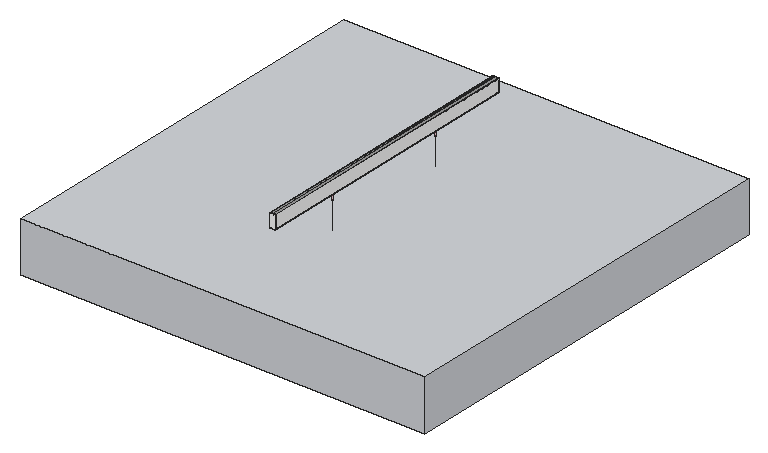
Revit family "LAMP_FIL 35 1680MM OPAL COMFORT SUSPENDED", category Luminarias, Revit 2018
Family settings
  Anfitrión = Cara
  Cota de conector redondo = Diámetro de uso
  Tipo de pieza = Normal
  Corte con vacíos al cargar = No
  Origen de luz = Sí
  Compartido = No
  Punto de cálculo de habitación = No
Parameters (values of type "1668LM 3000K  BLACK")
  Ángulo de inclinación = -90.00°
  Weight = 3.674 kg
  Wattage = 17.1 W
  Type = "MID POWER TRIDONIC"
  built-in parameter 1150107 = 3000 (stored number, unit not read)
  NOT COVER 2 [instance] = not(END COVER 2)  # no
  NOT COVER 1 [instance] = not(END COVER 1)  # no
  END COVER 2 [instance] = yes
  END COVER 1 [instance] = yes
  Suspension distance [instance] = if(Suspension > 4000 mm, 4000 mm, if(Suspension < 1 mm, 1 mm, Suspension))  # 200 mm
  Suspension [instance] = 200 mm
  built-in parameter 1150110 = 1 (stored number, unit not read)
  built-in parameter 1150109 = 1 (stored number, unit not read)
  built-in parameter 1150112 = 1 (stored number, unit not read)
  built-in parameter 1150113 = 1 (stored number, unit not read)
  built-in parameter 1114218 = 1 (stored number, unit not read)
  Protection rating = "IP20 / IK07"
  Product datasheet = "http://www.lamp.es/product-files/TECH/F31SF168LOOC830NB-EN.pdf"
  Product code = "F31SF168LOOC830NB"
  Product URL = "https://www.lamp.es/en/family/fil-35_413911"
  Power Supply = "220-240V 50/60Hz"
  Power = 16 W
  Plum = 17.1 W
  Photobiological risk = ""
  built-in parameter 1150137 = (empty or 0)
  built-in parameter 1150132 = 2
  Modelo = Product code  # "F31SF168LOOC830NB"
  Model Explanation = ""
  Material suspension = LAMP_Acero genérico
  Material perfil = LAMP_Aluminio Perfil Fil NG
  Material difusor = LAMP_PC Difusor Opal Fil
  Manufacturer name = "LAMP"
  Manufacturer country = "Spain"
  Manufacturer URL = "http://www.lamp.es/en"
  MacAdam = "3"
  Longitud de línea de emisión = 1680 mm
  Last update = "03/05/2021"
  Lamp = "MID-POWER LED"
  LED Lifetime = "50.000 L90 B10"
  built-in parameter 1150105 = 658.82 (stored number, unit not read)
  built-in parameter 1150102 = (empty or 0)
  Insulation class = "I"
  Installation instructions = "https://www.lamp.es/product-files/INS/1004590-A%20INSTR.%20FIL35.pdf"
  built-in parameter 1150106 = 6.5882 (stored number, unit not read)
  IEE = "A+"
  Gear = "Electronic"
  Lumens = 1667.25 lm
  Finish = "Matte black RAL 9011"
  Color Filter = 16777215
  built-in parameter 1114217 = 1 (stored number, unit not read)
  built-in parameter 1150139 = (empty or 0)
  Fabricante = Manufacturer name  # "LAMP"
  Default Elevation = 1219.2 mm
  built-in parameter 1150104 = 9.058 (stored number, unit not read)
  Efficacy = 97.5 lm/W
  Dimensions = "1680x35x80"
  Descripción = "FIL35 SUR 1680 2400 WW OP COMF BK."
  built-in parameter 1150115 = 1 (stored number, unit not read)
  built-in parameter 1150114 = 1 (stored number, unit not read)
  built-in parameter 1150138 = (empty or 0)
  built-in parameter 1150134 = 3
  Dimming Lamp Color Temperature Shift = (empty or 0)
  CRI = "80"
  Archivo de red fotométrica = "F31SF168LOOC830NB.IES"
  built-in parameter 1150133 = 10 (stored number, unit not read)
Types (12, lengths in mm): name | built-in parameter 1150107 | Product datasheet | Product code | Modelo | Material perfil | Finish | Descripción | Archivo de red fotométrica
  1668LM 3000K DALI BLACK | 3000 (stored number, unit not read) | "http://www.lamp.es/product-files/TECH/F31SF168LOOC830DB-EN.pdf" | "F31SF168LOOC830DB" | "F31SF168LOOC830DB" | LAMP_Aluminio Perfil Fil NG | "Matte black RAL 9011" | "FIL35 SUR 1680 2400 WW OP COMF DALI BK." | "F31SF168LOOC830nb.IES"
  1668LM 3000K DALI GREY | 3000 (stored number, unit not read) | "http://www.lamp.es/product-files/TECH/F31SF168LOOC830DG-EN.pdf" | "F31SF168LOOC830DG" | "F31SF168LOOC830DG" | LAMP_Aluminio Perfil Fil GR | "Gloss grey" | "FIL35 SUR 1680 2400 WW OP COMF DALI GR." | "F31SF168LOOC830nG.IES"
  1668LM 3000K DALI WHITE | 3000 (stored number, unit not read) | "http://www.lamp.es/product-files/TECH/F31SF168LOOC830DW-EN.pdf" | "F31SF168LOOC830DW" | "F31SF168LOOC830DW" | LAMP_Aluminio Perfil Fil BL | "Matte white RAL 9010" | "FIL35 SUR 1680 2400 WW OP COMF DALI WH." | "F31SF168LOOC830nW.IES"
  1668LM 3000K  BLACK | 3000 (stored number, unit not read) | "http://www.lamp.es/product-files/TECH/F31SF168LOOC830NB-EN.pdf" | "F31SF168LOOC830NB" | "F31SF168LOOC830NB" | LAMP_Aluminio Perfil Fil NG | "Matte black RAL 9011" | "FIL35 SUR 1680 2400 WW OP COMF BK." | "F31SF168LOOC830NB.IES"
  1668LM 3000K  GREY | 3000 (stored number, unit not read) | "http://www.lamp.es/product-files/TECH/F31SF168LOOC830NG-EN.pdf" | "F31SF168LOOC830NG" | "F31SF168LOOC830NG" | LAMP_Aluminio Perfil Fil GR | "Gloss grey" | "FIL35 SUR 1680 2400 WW OP COMF GR." | "F31SF168LOOC830NG.IES"
  1668LM 3000K  WHITE | 3000 (stored number, unit not read) | "http://www.lamp.es/product-files/TECH/F31SF168LOOC830NW-EN.pdf" | "F31SF168LOOC830NW" | "F31SF168LOOC830NW" | LAMP_Aluminio Perfil Fil BL | "Matte white RAL 9010" | "FIL35 SUR 1680 2400 WW OP COMF WH." | "F31SF168LOOC830NW.IES"
  1668LM 4000K DALI BLACK | 4000 (stored number, unit not read) | "http://www.lamp.es/product-files/TECH/F31SF168LOOC840DB-EN.pdf" | "F31SF168LOOC840DB" | "F31SF168LOOC840DB" | LAMP_Aluminio Perfil Fil NG | "Matte black RAL 9011" | "FIL35 SUR 1680 2400 NW OP COMF DALI BK." | "F31SF168LOOC840nB.IES"
  1668LM 4000K DALI GREY | 4000 (stored number, unit not read) | "http://www.lamp.es/product-files/TECH/F31SF168LOOC840DG-EN.pdf" | "F31SF168LOOC840DG" | "F31SF168LOOC840DG" | LAMP_Aluminio Perfil Fil GR | "Gloss grey" | "FIL35 SUR 1680 2400 NW OP COMF DALI GR." | "F31SF168LOOC840nG.IES"
  1668LM 4000K DALI WHITE | 4000 (stored number, unit not read) | "http://www.lamp.es/product-files/TECH/F31SF168LOOC840DW-EN.pdf" | "F31SF168LOOC840DW" | "F31SF168LOOC840DW" | LAMP_Aluminio Perfil Fil BL | "Matte white RAL 9010" | "FIL35 SUR 1680 2400 NW OP COMF DALI WH." | "F31SF168LOOC840nW.IES"
  1668LM 4000K  BLACK | 4000 (stored number, unit not read) | "http://www.lamp.es/product-files/TECH/F31SF168LOOC840NB-EN.pdf" | "F31SF168LOOC840NB" | "F31SF168LOOC840NB" | LAMP_Aluminio Perfil Fil NG | "Matte black RAL 9011" | "FIL35 SUR 1680 2400 NW OP COMF BK." | "F31SF168LOOC840NB.IES"
  1668LM 4000K  GREY | 4000 (stored number, unit not read) | "http://www.lamp.es/product-files/TECH/F31SF168LOOC840NG-EN.pdf" | "F31SF168LOOC840NG" | "F31SF168LOOC840NG" | LAMP_Aluminio Perfil Fil GR | "Gloss grey" | "FIL35 SUR 1680 2400 NW OP COMF GR." | "F31SF168LOOC840NG.IES"
  1668LM 4000K  WHITE | 4000 (stored number, unit not read) | "http://www.lamp.es/product-files/TECH/F31SF168LOOC840NW-EN.pdf" | "F31SF168LOOC840NW" | "F31SF168LOOC840NW" | LAMP_Aluminio Perfil Fil BL | "Matte white RAL 9010" | "FIL35 SUR 1680 2400 NW OP COMF WH." | "F31SF168LOOC840NW.IES"
Reference planes
  plane 1 "Centro (Frontal/Posterior)": y = 0
  plane 2: z = 0
  plane 3 "Centro (Izquierda/Derecha)": x = 0
Forms (mm)
  Extrusion 1, solid
    sketch origin (0, 0, 0) x (1, 0, 0) y (0, 1, 0)
      loop
        line (-1219.2, 1219.2) -> (-1219.2, -1219.2) -> (1219.2, -1219.2) -> (1219.2, 1219.2) -> (-1219.2, 1219.2)
    from 0 to -304.8
  Extrusion 2, solid, material "LAMP_Aluminio Perfil Fil NG" <- "Material perfil"
    sketch origin (0, 0, 0) x (1, 0, 0) y (0, 0, 1)
      loop
        arc (17.75, 285.7) -> (16.75, 286.7) -> (15.75, 285.7) r 1
        line (15.75, 285.7) -> (15.75, 284.2) -> (13.95, 284.2) -> (13.95, 259) -> (0, 259) -> (-13.95, 259) -> (-13.95, 284.2) -> (-15.75, 284.2) -> (-15.75, 285.7)
        arc (-15.75, 285.7) -> (-16.75, 286.7) -> (-17.75, 285.7) r 1
        line (-17.75, 285.7) -> (-17.75, 206.5) -> (-16.75, 206.5) -> (-16.75, 209.7) -> (-12.5, 209.7) -> (-12.5, 207.7) -> (-14.8, 207.7) -> (-13.6, 206.5) -> (-11, 206.5) -> (-11, 214.5) -> (0, 214.5) -> (11, 214.5) -> (11, 206.5) -> (13.6, 206.5) -> (14.8, 207.7) -> (12.5, 207.7) -> (12.5, 209.7) -> (16.75, 209.7) -> (16.75, 206.5) -> (17.75, 206.5) -> (17.75, 285.7)
    from -840 to 840
  Extrusion 3, solid, material "LAMP_Acero genérico" <- "Material suspension"
    sketch origin (0, 0, 0) x (1, 0, 0) y (0, 0, 1)
      loop
        line (-12.5, 201) -> (-15.291, 208.272) -> (-13.251, 209.7) -> (-14.251, 209.7) -> (-16.291, 208.272) -> (-13.116, 200) -> (0, 200) -> (13.116, 200) -> (16.291, 208.272) -> (14.251, 209.7) -> (13.251, 209.7) -> (15.291, 208.272) -> (12.5, 201) -> (0, 201) -> (-12.5, 201)
    from -400 to -378
  Extrusion 4, solid, material "LAMP_Acero genérico" <- "Material suspension"
    sketch origin (0, -24, 0) x (1, 0, 0) y (0, 1, 0)
      loop
        circle (0, -365) r 5
    from 163.2 to 200
  Extrusion 5, solid, material "LAMP_Acero genérico" <- "Material suspension"
    sketch origin (0, 24, 0) x (1, 0, 0) y (0, 1, 0)
      loop
        circle (0, 365) r 5
    from 163.2 to 200
  Extrusion 6, solid, material "LAMP_Acero genérico" <- "Material suspension"
    sketch origin (0, 0, 0) x (1, 0, 0) y (0, 1, 0)
      loop
        circle (0, -389) r 1
    from 0 to 163.2
  Extrusion 7, solid, material "LAMP_Acero genérico" <- "Material suspension"
    sketch origin (0, 0, 0) x (1, 0, 0) y (0, 1, 0)
      loop
        circle (0, 389) r 1
    from 0 to 163.2
  Extrusion 8, solid, material "LAMP_PC Difusor Opal Fil" <- "Material difusor"
    sketch origin (0, 0, -200) x (1, 0, 0) y (0, 0, 1)
      loop
        line (-15.75, 484.2) -> (0, 484.2) -> (15.75, 484.2) -> (15.75, 486.7) -> (0, 486.7) -> (-15.75, 486.7) -> (-15.75, 484.2)
    from -840 to 840
  Extrusion 9, solid, material "LAMP_Acero genérico" <- "Material suspension"
    sketch origin (0, 0, 0) x (1, 0, 0) y (0, 0, -1)
      loop
        line (-12.5, -201) -> (0, -201) -> (12.5, -201) -> (15.291, -208.272) -> (13.251, -209.7) -> (14.251, -209.7) -> (16.291, -208.272) -> (13.116, -200) -> (0, -200) -> (-13.116, -200) -> (-16.291, -208.272) -> (-14.251, -209.7) -> (-13.251, -209.7) -> (-15.291, -208.272) -> (-12.5, -201)
    from -400 to -378
  Extrusion 10, solid, material "LAMP_PC Difusor Opal Fil" <- "Material difusor"
    sketch origin (0, 0, 0) x (1, 0, 0) y (0, 0, 1)
      loop
        line (-11, 214.5) -> (-11, 206.5) -> (-7.529, 206.5) -> (11, 206.5) -> (11, 214.5) -> (10, 214.5) -> (10, 207.5) -> (-10, 207.5) -> (-10, 214.5) -> (-11, 214.5)
    from -840 to 840
Lines and regions (mm)
  reference lines
    curve 1: line (0, -445.47, 200) -> (0, 544.53, 200)
Text (mm)
  text "Any modification of the parameters and properties of the LAMP BIM models must be executed and validated by the LAMP technical department.\nPhone: +34 93 736 68 00\nE-mail: lamp@lamp.es\n\nLAMP reserves the right to modify the technical specifications of its products." at (3252.211, 5261.782, -2790.614), in view "Preview"
Dimensions and locks
  "Suspension distance": level to curve 1
  locked: Extrusion 4 to Extrusion 4 at 36.8
  locked: Extrusion 5 to Extrusion 5 at 36.8
  aligned and locked: plane 2 to Extrusion 1
  aligned and locked: level to Extrusion 1
  aligned and locked: curve 1 to Extrusion 9
  aligned and locked: curve 1 to Extrusion 3
  aligned and locked: Extrusion 4 to curve 1
  aligned and locked: Extrusion 5 to curve 1
  aligned and locked: Extrusion 6 to Extrusion 4
  aligned and locked: Extrusion 7 to Extrusion 5
  aligned and locked: Extrusion 2 to Extrusion 9
  aligned and locked: Extrusion 10 to Extrusion 2
  aligned and locked: Extrusion 8 to Extrusion 2
  aligned and locked: imposter light to Extrusion 8
  aligned and locked: Extrusion 2 to nested 1
  aligned and locked: nested 2 to Extrusion 2
Automatic sketch dimensions
  Extrusion 1 sketch curve to Extrusion 1 sketch curve = 2438.4 mm  (x2)
  Extrusion 4 sketch curve to plane 3 "Centro (Izquierda/Derecha)" = 0 mm
  plane 1 "Centro (Frontal/Posterior)" to Extrusion 4 sketch curve = 389 mm
  Extrusion 5 sketch curve to plane 3 "Centro (Izquierda/Derecha)" = 0 mm
  plane 1 "Centro (Frontal/Posterior)" to Extrusion 5 sketch curve = 389 mm
  Extrusion 6 sketch curve to plane 3 "Centro (Izquierda/Derecha)" = 0 mm
  plane 1 "Centro (Frontal/Posterior)" to Extrusion 6 sketch curve = 389 mm
  Extrusion 7 sketch curve to plane 3 "Centro (Izquierda/Derecha)" = 0 mm
  plane 1 "Centro (Frontal/Posterior)" to Extrusion 7 sketch curve = 389 mm
  Extrusion 10 sketch curve to plane 3 "Centro (Izquierda/Derecha)" = 11 mm
  Extrusion 10 sketch curve to Extrusion 10 sketch curve = 1 mm  (x3)
  Extrusion 10 sketch curve to Extrusion 10 sketch curve = 2.471 mm
  plane 3 "Centro (Izquierda/Derecha)" to Extrusion 10 sketch curve = 10 mm
  level to Extrusion 10 sketch curve = 206.5 mm
  Extrusion 10 sketch curve to Extrusion 10 sketch curve = 7 mm  (x2)
  Extrusion 2 sketch curve to plane 3 "Centro (Izquierda/Derecha)" = 0 mm  (x2)
  Extrusion 2 sketch curve to Extrusion 2 sketch curve = 11 mm
  Extrusion 2 sketch curve to Extrusion 2 sketch curve = 1.5 mm  (x4)
  Extrusion 2 sketch curve to Extrusion 2 sketch curve = 1.1 mm  (x2)
  Extrusion 2 sketch curve to plane 3 "Centro (Izquierda/Derecha)" = 13.95 mm
  Extrusion 2 sketch curve to Extrusion 2 sketch curve = 1.2 mm  (x4)
  Extrusion 2 sketch curve to Extrusion 2 sketch curve = 1.8 mm  (x2)
  Extrusion 2 sketch curve to Extrusion 2 sketch curve = 1 mm  (x3)
  plane 3 "Centro (Izquierda/Derecha)" to Extrusion 2 sketch curve = 11 mm
  plane 3 "Centro (Izquierda/Derecha)" to Extrusion 2 sketch curve = 13.95 mm
  Extrusion 2 sketch curve to Extrusion 2 sketch curve = 1.95 mm
  level to Extrusion 2 sketch curve = 206.5 mm
  Extrusion 2 sketch curve to Extrusion 2 sketch curve = 0 mm  (x3)
  Extrusion 2 sketch curve to Extrusion 2 sketch curve = 2 mm  (x2)
  Extrusion 2 sketch curve to Extrusion 2 sketch curve = 4.8 mm
  Extrusion 2 sketch curve to Extrusion 2 sketch curve = 44.5 mm
  Extrusion 2 sketch curve to Extrusion 2 sketch curve = 25.2 mm
  Extrusion 2 sketch curve to Extrusion 2 sketch curve = 26.7 mm
  Extrusion 8 sketch curve to plane 3 "Centro (Izquierda/Derecha)" = 0 mm  (x2)
  Extrusion 8 sketch curve to Extrusion 8 sketch curve = 15.75 mm
  plane 3 "Centro (Izquierda/Derecha)" to Extrusion 8 sketch curve = 15.75 mm
  level to Extrusion 8 sketch curve = 284.2 mm
  Extrusion 9 sketch curve to plane 3 "Centro (Izquierda/Derecha)" = 0 mm  (x2)
  Extrusion 9 sketch curve to Extrusion 9 sketch curve = 12.5 mm
  Extrusion 9 sketch curve to Extrusion 9 sketch curve = 0.616 mm  (x2)
  Extrusion 9 sketch curve to Extrusion 9 sketch curve = 0.751 mm  (x2)
  Extrusion 9 sketch curve to Extrusion 9 sketch curve = 1 mm  (x5)
  Extrusion 9 sketch curve to Extrusion 9 sketch curve = 1.04 mm  (x2)
  plane 3 "Centro (Izquierda/Derecha)" to Extrusion 9 sketch curve = 12.5 mm
  level to Extrusion 9 sketch curve = 209.7 mm
  Extrusion 9 sketch curve to Extrusion 9 sketch curve = 0 mm  (x3)
  Extrusion 9 sketch curve to Extrusion 9 sketch curve = 1.428 mm  (x2)
  Extrusion 9 sketch curve to Extrusion 9 sketch curve = 7.272 mm
  Extrusion 3 sketch curve to plane 3 "Centro (Izquierda/Derecha)" = 0 mm  (x2)
  Extrusion 3 sketch curve to Extrusion 3 sketch curve = 12.5 mm
  Extrusion 3 sketch curve to Extrusion 3 sketch curve = 0.616 mm  (x2)
  Extrusion 3 sketch curve to Extrusion 3 sketch curve = 0.751 mm  (x2)
  Extrusion 3 sketch curve to Extrusion 3 sketch curve = 1 mm  (x5)
  Extrusion 3 sketch curve to Extrusion 3 sketch curve = 1.04 mm  (x2)
  plane 3 "Centro (Izquierda/Derecha)" to Extrusion 3 sketch curve = 12.5 mm
  level to Extrusion 3 sketch curve = 200 mm
  Extrusion 3 sketch curve to Extrusion 3 sketch curve = 7.272 mm  (x2)
  Extrusion 3 sketch curve to Extrusion 3 sketch curve = 0 mm  (x2)
  Extrusion 3 sketch curve to Extrusion 3 sketch curve = 1.428 mm  (x2)
  Extrusion 8 sketch curve to Extrusion 8 sketch curve = 2.5 mm
  plane 1 "Centro (Frontal/Posterior)" to curve 1 = 445.47 mm
  curve 1 to plane 1 "Centro (Frontal/Posterior)" = 544.53 mm
  radius of Extrusion 4 sketch curve = 5 mm
  radius of Extrusion 5 sketch curve = 5 mm
  radius of Extrusion 6 sketch curve = 1 mm
  radius of Extrusion 7 sketch curve = 1 mm
Nested families
  nested 1: "LAMP_FIL 35 END COVER SURFACE" at (0, -841.4, 206.5), visible <- "END COVER 1", type "Blanco"
  nested 2: "LAMP_FIL 35 END COVER SURFACE" at (0, 841.4, 206.5), visible <- "END COVER 2", type "Blanco"
Connectors
  electrical at (0, 389, 200)
    settings: on Extrusion 5, index 1, voltage 230 V, apparent load 0 VA, apparent load phase1 0 VA, apparent load phase2 0 VA, apparent load phase3 0 VA, power factor 1, load classification "Otro", number of poles 1, system type 31, power factor state 1, is connector primary yes, connector utility no, sub classification motor no, connector description ""
Definition of nested family "LAMP_FIL 35 END COVER SURFACE"
  Parameters (values of type "Blanco")
    Material tapa = none
  Reference planes
    plane 1 "Centro (Frontal/Posterior)": y = 0
    plane 2: z = 0
    plane 3 "Centro (Izquierda/Derecha)": x = 0
  Forms (mm)
    Extrusion 1, solid, material <- "Material tapa"
      sketch origin (0, 0, 0) x (0, -1, 0) y (0, 0, 1)
        loop
          line (0, 0) -> (1.4, 0) -> (1.4, 80.5) -> (-1.4, 80.5) -> (-1.4, 0) -> (0, 0)
      from -17.8 to 17.8
  Dimensions and locks
    aligned and locked: level to plane 2
